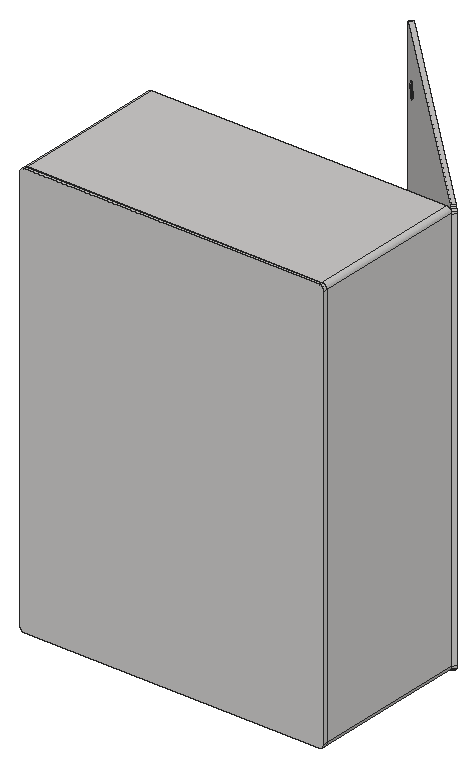
Revit family "Building-SurfaceMountingEnclosures-GEWISS-46QX-DISTRIBUTION-BOARD-INOX_BLANK_DOOR", category Attrezzatura elettrica, host Muro, Revit 2016
Family settings
  Host = Muro
  Configurazione quadro = Due colonne, circuiti in orizzontale
  Tipo di parte = Pannello comandi
  Quota connettore circolare = Usa diametro
  Numero OmniClass = 23.80.30.11.17
  Titolo OmniClass = Distribution Boards and Control Panels
  Sempre verticale = Sì
  Taglio con vuoti quando caricato = No
  Condiviso = No
  Punto di calcolo locali = Sì
Parameters (values of type "GW46056 - WT. STEEL BOARD 585X800X300 BLANK DOOR")
  Vista di pianta [instance] = yes
  Version file RFA = "18.0"
  URL = "https://www.gewiss.com/ww/en"
  Type of material = "Stainless steel"
  Type of door = "Blank door"
  Technical sheet = "https://www.gewiss.com/ww/en/search?q=GW46056"
  Struttura quadro = GEWISS - ACCIAIO
  Standard. = "EN 61439-1, EN 61439-2, EN62208, EN 60670-1, IEC 60670-24"
  Standard = "EN 61439-1, EN 61439-2, EN62208, EN 60670-1, IEC 60670-24"
  Sportello visibile [instance] = yes
  Spessore quadro = 300 mm
  Simbolo [instance] = yes
  Shock resistance = "IK10"
  SEO = "Board"
  Realized by GEWISS S.p.A. = ""
  Rated impulse withstand voltage = "690V"
  Produttore = "GEWISS S.p.A."
  Potenza quadro = 0 V
  Porta = GEWISS - Pannello cieco : 2 FORI
  Pannello = GEWISS - ACCIAIO
  Operating temperature = "-25 +60 °C"
  Offset etichetta nome quadro [instance] = 685.076 mm
  Nominal dim. LxHxD (mm) = "585x800x300"
  No. of modules EN 50022: = "140 (28x5)"
  No. of modules EN 50022 = "140 (28x5)"
  No. locks = "2"
  Modello = "GW46056"
  Maximum rated insulation voltage (Ue) = "690V"
  Material = "Stainless steel from 10/10 to 15/10 (e.g. AISI 304)"
  Maniglia visibile [instance] = yes
  Maniglia = GEWISS - NERO
  Larghezza quadro = 585 mm
  Insulation class = "Pre-arranged with earth terminal"
  Immagine tipo = GW46052.jpg
  IP degree = "IP55"
  IFC.TypeObject = ""
  IFC.ExportType = ""
  IFC.ExportAs = ""
  IDT = "69fe8f77-02c8-4c36-8c1a-3acf6a8de6b9"
  IDF = "4490481b-c937-4372-88cf-3cd2690ec59d"
  H_quadro = 800 mm
  H_da terra = 500 mm
  Glow Wire Test = "650°C"
  GW - NOME QUADRO [instance] = "NOME QUADRO"
  GEWISS SCHEDA TECNICA = "http://pro.gewiss.com/irj/portal/?NavigationTarget=pcd:portal_content/com.gewiss.ZPPFDMain/com.gewiss.ZPPFDITMain/com.gewiss.ZPPFDITMainDefault/com.gewiss.ZPPFDITPages/com.gewiss.ZPPFDITPagesAP/com.gewiss.ZPPFDITPagesAPCatalogo/com.gewiss.ZPPPDITAPProductDetail&codProd=GW46056"
  Functional dim. LxHxD (mm) = "585x800x300"
  Fast & Easy = "Yes"
  Family = "46 QX"
  Etichetta nome quadro [instance] = yes
  Electrocod = "0320"
  EAN code = "8011564096967"
  Distanza_fori = 100 mm
  Distanza orizzontale del simbolo [instance] = 887.355 mm
  Distanza dal muro [instance] = 4.208 mm
  Dispersible power B (W) = "159"
  Dispersible power A (W) = "240"
  Descrizione = "WT. STEEL BOARD 585X800X300 BLANK DOOR"
  Cornice simbolo [instance] = yes
  Classificazione carico = Other
  Characteristics = "UV resistance (EN 62208)"
  Catalogue Range = "46 QX"
  Catalogue = "BUILDING"
  Carico Apparente = 0 VA
  COBie.Tagnumber = ""
  COBie.CreatedOn = ""
  COBie.CreatebBy = ""
  COBie.ComponentRegisterItemID = ""
  COBie.Component.TagNumber = ""
  COBie.Component.Space = ""
  COBie.Component.SerialNumber = ""
  COBie.Component.InstallationDate = ""
  COBie.Component.Description = ""
  COBie.Component.BarCode = ""
  Bidimensionale = 2D - CEP QUADRI STAGNI GWPLAST IP55 : 2 fori
  Application = "For indoor use, in areas that are frequently cleaned with water jets"
  Apertura quadro [instance] = 45.00°
  Angolo di apertura reale [instance] = if(Apertura quadro < 0.00°, 0.00°, if(Apertura quadro > 180.00°, 180.00°, Apertura quadro))  # 45.00°
Types (3, lengths in mm): name | Technical sheet | Spessore quadro | Nominal dim. LxHxD (mm) | No. of modules EN 50022: | No. of modules EN 50022 | Modello | Larghezza quadro | IDT | H_quadro | GEWISS SCHEDA TECNICA | Functional dim. LxHxD (mm) | EAN code | Dispersible power B (W) | Dispersible power A (W) | Descrizione
  GW46052 - WT. STEEL BOARD 310X425X160 BLANK DOOR | "https://www.gewiss.com/ww/en/search?q=GW46052" | 160 | "310x425x160" | "36 (12x3)" | "36 (12x3)" | "GW46052" | 313 | "7f936186-d6ea-43f4-b79a-bd5195405f15" | 424 | "http://pro.gewiss.com/irj/portal/?NavigationTarget=pcd:portal_content/com.gewiss.ZPPFDMain/com.gewiss.ZPPFDITMain/com.gewiss.ZPPFDITMainDefault/com.gewiss.ZPPFDITPages/com.gewiss.ZPPFDITPagesAP/com.gewiss.ZPPFDITPagesAPCatalogo/com.gewiss.ZPPPDITAPProductDetail&codProd=GW46052" | "310x425x160" | "8011564096943" | "58" | "70" | "WT. STEEL BOARD 310X425X160 BLANK DOOR"
  GW46054 - WT. STEEL BOARD 465X650X200 BLANK DOOR | "https://www.gewiss.com/ww/en/search?q=GW46054" | 200 | "405x650x200" | "72 (18x4)" | "72 (18x4)" | "GW46054" | 405 | "97958a02-1e10-4aba-bb04-cd70829b16fd" | 650 | "http://pro.gewiss.com/irj/portal/?NavigationTarget=pcd:portal_content/com.gewiss.ZPPFDMain/com.gewiss.ZPPFDITMain/com.gewiss.ZPPFDITMainDefault/com.gewiss.ZPPFDITPages/com.gewiss.ZPPFDITPagesAP/com.gewiss.ZPPFDITPagesAPCatalogo/com.gewiss.ZPPPDITAPProductDetail&codProd=GW46054" | "405x650x200" | "8011564096950" | "97" | "135" | "WT. STEEL BOARD 465X650X200 BLANK DOOR"
  GW46056 - WT. STEEL BOARD 585X800X300 BLANK DOOR | "https://www.gewiss.com/ww/en/search?q=GW46056" | 300 | "585x800x300" | "140 (28x5)" | "140 (28x5)" | "GW46056" | 585 | "69fe8f77-02c8-4c36-8c1a-3acf6a8de6b9" | 800 | "http://pro.gewiss.com/irj/portal/?NavigationTarget=pcd:portal_content/com.gewiss.ZPPFDMain/com.gewiss.ZPPFDITMain/com.gewiss.ZPPFDITMainDefault/com.gewiss.ZPPFDITPages/com.gewiss.ZPPFDITPagesAP/com.gewiss.ZPPFDITPagesAPCatalogo/com.gewiss.ZPPPDITAPProductDetail&codProd=GW46056" | "585x800x300" | "8011564096967" | "159" | "240" | "WT. STEEL BOARD 585X800X300 BLANK DOOR"
Reference planes
  plane 1 "Muro": y = 0
  plane 2 "Centro (Sinistra/Destra)": x = 125
  plane 3 "Indietro": y = 75
  plane 4 "SX": x = -167.5
  plane 5 "DX": x = 417.5
  plane 6: y = 381
  plane 7 "Base quadro": z = 500
  plane 8: z = 1300
  plane 9: y = 81
  plane 10: z = 900
  plane 11: x = -1054.855
  plane 12: y = 760.076
Forms (mm)
  Extrusion 1, solid, material "GEWISS - ACCIAIO" <- "Struttura quadro"
    sketch origin (0, 0, 0) x (1, 0, 0) y (0, 0, 1)
      loop
        line (408.113, 1300) -> (-158.113, 1300)
        arc (-158.113, 1300) -> (-164.751, 1297.251) -> (-167.5, 1290.613) r 9.387
        line (-167.5, 1290.613) -> (-167.5, 509.387)
        arc (-167.5, 509.387) -> (-164.751, 502.749) -> (-158.113, 500) r 9.387
        line (-158.113, 500) -> (408.113, 500)
        arc (408.113, 500) -> (414.751, 502.749) -> (417.5, 509.387) r 9.387
        line (417.5, 509.387) -> (417.5, 1290.613)
        arc (417.5, 1290.613) -> (414.751, 1297.251) -> (408.113, 1300) r 9.387
      loop
        line (392.113, 1280) -> (-142.113, 1280)
        arc (-142.113, 1280) -> (-145.922, 1278.422) -> (-147.5, 1274.613) r 5.387
        line (-147.5, 1274.613) -> (-147.5, 525.387)
        arc (-147.5, 525.387) -> (-145.922, 521.578) -> (-142.113, 520) r 5.387
        line (-142.113, 520) -> (392.113, 520)
        arc (392.113, 520) -> (395.922, 521.578) -> (397.5, 525.387) r 5.387
        line (397.5, 525.387) -> (397.5, 1274.613)
        arc (397.5, 1274.613) -> (395.922, 1278.422) -> (392.113, 1280) r 5.387
    from -381 to -81
  Extrusion 2, solid, material "GEWISS - ACCIAIO" <- "Pannello"
    sketch origin (0, 0, 0) x (1, 0, 0) y (0, 0, 1)
      loop
        arc (-158.113, 1300) -> (-164.751, 1297.251) -> (-167.5, 1290.613) r 9.387
        line (-167.5, 1290.613) -> (-167.5, 509.387)
        arc (-167.5, 509.387) -> (-164.751, 502.749) -> (-158.113, 500) r 9.387
        line (-158.113, 500) -> (408.113, 500)
        arc (408.113, 500) -> (414.751, 502.749) -> (417.5, 509.387) r 9.387
        line (417.5, 509.387) -> (417.5, 1290.613)
        arc (417.5, 1290.613) -> (414.751, 1297.251) -> (408.113, 1300) r 9.387
        line (408.113, 1300) -> (-158.113, 1300)
    from -81 to -75
Lines and regions (mm)
  Masking region 1, visible <- "Vista di pianta"
    outline origin (-33, 241, 0) x (0.984808, 0.173648, 0) y (-0.173648, 0.984808, 0)
      loop
        line (414.83, -241.707) -> (467.967, 59.645) -> (-108.146, 161.229) -> (-161.282, -140.122) -> (414.83, -241.707)
  Masking region 2
    outline origin (125, 0, 0) x (0, 1, 0) y (0, 0, 1)
      loop
        line (75, 500) -> (381, 500) -> (381, 1300) -> (75, 1300) -> (75, 500)
  Masking region 3, visible <- "Vista di pianta"
    outline origin (-33, 241, 0) x (0.984808, 0.173648, 0) y (-0.173648, 0.984808, 0)
      loop
        line (132.424, 538.849) -> (467.967, 59.645) -> (474.52, 64.233) -> (138.978, 543.437) -> (132.424, 538.849)
  reference lines
    curve 1: line (417.5, 381, 0) -> (134.657, 663.843, 0)
Text (mm)
  text "Lato posizionamento" at (-2540.362, 1733.729, 0), in view "Livello rif."
  text "Lato posizionamento" at (0, 1409.804, 2854.306), in view "Sinistra"
  text "Lato posizionamento" at (0, 499.811, 2980.732), in view "Destra"
Dimensions and locks
  locked: plane 3 "Indietro" to host wall
  "H_da terra": level to plane 7 "Base quadro"
  "H_quadro": plane 7 "Base quadro" to plane 8
  locked: plane 9 to host wall at 6
  "Spessore quadro": plane 6 to plane 9
  equal spacing: plane 7 "Base quadro", plane 10, plane 8
  "Larghezza quadro": plane 4 "SX" to plane 5 "DX"
  "Distanza orizzontale del simbolo": plane 11 to plane 4 "SX"
  "Offset etichetta nome quadro": plane 12 to plane 3 "Indietro"
  equal spacing: plane 4 "SX", plane 2 "Centro (Sinistra/Destra)", plane 5 "DX"
  locked: Extrusion 1 sketch curve to Extrusion 1 sketch curve at 20  (x4)
  "Apertura quadro": angle curve 1 to plane 6
  aligned and locked: plane 1 "Muro" to host wall
  aligned and locked: plane 8 to Extrusion 1 sketch curve
  aligned and locked: plane 5 "DX" to Extrusion 1 sketch curve
  aligned and locked: Extrusion 1 sketch curve to plane 7 "Base quadro"
  aligned and locked: Extrusion 1 sketch curve to plane 4 "SX"
  aligned and locked: plane 6 to Extrusion 1
  aligned and locked: Extrusion 1 to plane 9
  aligned and locked: plane 9 to Extrusion 2
  aligned and locked: Extrusion 2 to host wall
  aligned and locked: nested 2 to plane 12
  aligned and locked: plane 11 to nested 3
  aligned and locked: Masking region 1 sketch curve to plane 6
  aligned and locked: Masking region 1 sketch curve to plane 3 "Indietro"
  aligned and locked: Masking region 1 sketch curve to plane 5 "DX"
  aligned and locked: plane 4 "SX" to Masking region 1 sketch curve
  aligned and locked: Masking region 2 sketch curve to Extrusion 2
  aligned and locked: Masking region 2 sketch curve to Extrusion 1  (x2)
  aligned and locked: plane 10 to nested 4
  aligned and locked: plane 5 "DX" to nested 4
  aligned and locked: plane 7 "Base quadro" to nested 1
  aligned and locked: plane 6 to Masking region 1  (x2)
  aligned and locked: Extrusion 2 sketch curve to Extrusion 1  (x4)
  aligned and locked: plane 2 "Centro (Sinistra/Destra)" to nested 2
  aligned and locked: plane 5 "DX" to curve 1
  aligned and locked: nested 1 to curve 1
  aligned and locked: Masking region 3 sketch curve to nested 1  (x4)
Automatic sketch dimensions
  Extrusion 1 sketch curve to Extrusion 1 sketch curve = 5.387 mm  (x3)
  Extrusion 1 sketch curve to Extrusion 1 sketch curve = 10.613 mm
  Extrusion 1 sketch curve to Extrusion 1 sketch curve = 16 mm  (x4)
  Extrusion 2 sketch curve to Extrusion 2 sketch curve = 9.387 mm  (x2)
  Extrusion 2 sketch curve to plane 5 "DX" = 9.387 mm  (x2)
  Masking region 2 sketch curve to plane 7 "Base quadro" = 0 mm
  curve 1 to plane 6 = 0 mm
Nested families
  nested 1: "GEWISS - Pannello cieco" at (210.671, 587.829, 104) x (0.7071, -0.7071, 0) z (0, 0, 1), visible <- "Sportello visibile", H_pannello <- "H_quadro", Larghezza pannello <- "Larghezza quadro", type <- "Porta", type "2 FORI"
    with Larghezza pannello 585 mm, H_pannello 800 mm
  nested 2: "NOME QUADRO" at (125, 760.076, 0), TXT <- "GW - NOME QUADRO", visible <- "Etichetta nome quadro", type "NOME QUADRO"
    with TXT "NOME QUADRO"
  nested 3: "QUADRILAN" at (-1054.855, 75, 0), Distanza dal muro <- "Distanza dal muro", BORDO ACCESO <- "Cornice simbolo", SIMBOLO ACCESO <- "Simbolo", type "QUADRILAN"
    with SIMBOLO ACCESO yes, Distanza dal muro 4.208 mm, BORDO ACCESO yes
  nested 4: "2D - CEP QUADRI STAGNI GWPLAST IP55" at (125, 0, 900) x (-1, 0, 0) z (0, -1, 0), Altezza <- "H_quadro", Larghezza <- "Larghezza quadro", type <- "Bidimensionale", type "2 fori"
    with Larghezza 585 mm, Altezza 800 mm
Connectors
  electrical at (125, 231, 1300), driven by "Carico Apparente", driven by "Classificazione carico", driven by "Potenza quadro"
    settings: on Extrusion 1, index 1, voltage 0 V, apparent load 0 VA, apparent load phase1 0 VA, apparent load phase2 0 VA, apparent load phase3 0 VA, power factor 1, load classification "Other", number of poles 1, system type 31, power factor state 1, is connector primary yes, connector utility no, sub classification motor no, connector description ""
Definition of nested family "GEWISS - Pannello cieco"
  Parameters (values of type "2 FORI")
    Default Elevation = 1219.2 mm
    Pannello = none
    Maniglia = none
    Larghezza pannello [instance] = 316 mm
    H_pannello [instance] = 396 mm
    H_da terra = 396 mm
    2 FORI = yes
    1 FORO = no
  Types (3, lengths in mm): name | 2 FORI | 1 FORO
    (no name) | yes | no
    1 FORO | no | yes
    2 FORI | yes | no
  Reference planes
    plane 1 "Centro (Fronte/Retro)": y = 0
    plane 2: z = 0
    plane 3 "Centro (Sinistra/Destra)": x = 0
    plane 4: x = -158
    plane 5: x = 158
    plane 6: y = 8
    plane 7: z = 792
    plane 8: z = 396
    plane 9: z = 594
    plane 10: x = -115.8
    plane 11: z = 691.5
    plane 12: z = 508.2
  Forms (mm)
    Extrusion 1, solid, material <- "Pannello", visible <- "1 FORO"
      sketch origin (0, 0, 0) x (1, 0, 0) y (0, 0, 1)
        loop
          line (-148.613, 792) -> (-152.972, 790.92) -> (-155.581, 788.905) -> (-157.569, 785.491) -> (-158, 781.674) -> (-158, 406.326) -> (-157.277, 401.774) -> (-155.331, 398.831) -> (-152.312, 396.76) -> (-148.613, 396) -> (148.613, 396) -> (152.205, 396.714) -> (155.251, 398.749) -> (157.335, 401.918) -> (158, 406.326) -> (158, 781.674) -> (157.678, 785.136) -> (155.581, 788.905) -> (152.77, 791.023) -> (148.613, 792) -> (-148.613, 792)
        loop
          circle (-115.8, 594) r 14.644
      from -8 to 0
    Extrusion 2, solid, material <- "Maniglia", visible <- "1 FORO"
      sketch origin (0, 0, 0) x (1, 0, 0) y (0, 0, 1)
        loop
          circle (-115.8, 594) r 14.644
      from -8 to 0
    Extrusion 3, solid, material <- "Pannello", visible <- "2 FORI"
      sketch origin (0, 0, 0) x (1, 0, 0) y (0, 0, 1)
        loop
          line (-148.613, 792) -> (-152.972, 790.92) -> (-155.581, 788.905) -> (-157.569, 785.491) -> (-158, 781.674) -> (-158, 406.326) -> (-157.277, 401.774) -> (-155.331, 398.831) -> (-152.312, 396.76) -> (-148.613, 396) -> (148.613, 396) -> (152.205, 396.714) -> (155.251, 398.749) -> (157.335, 401.918) -> (158, 406.326) -> (158, 781.674) -> (157.678, 785.136) -> (155.581, 788.905) -> (152.77, 791.023) -> (148.613, 792) -> (-148.613, 792)
        loop
          circle (-115.8, 691.5) r 14.644
        loop
          circle (-115.8, 508.2) r 14.644
      from -8 to 0
    Extrusion 4, solid, material <- "Maniglia", visible <- "2 FORI"
      sketch origin (0, 0, 0) x (1, 0, 0) y (0, 0, 1)
        loop
          circle (-115.8, 691.5) r 14.644
        loop
          circle (-115.8, 508.2) r 14.644
      from -8 to 0
  Dimensions and locks
    locked: plane 1 "Centro (Fronte/Retro)" to plane 6 at 8
    "H_pannello": plane 7 to plane 8
    "H_da terra": plane 8 to plane 2
    "Larghezza pannello": plane 4 to plane 5
    equal spacing: plane 5, plane 3 "Centro (Sinistra/Destra)", plane 4
    equal spacing: plane 7, plane 9, plane 8
    locked: plane 7 to plane 11 at 100.5
    locked: plane 12 to plane 8 at 112.2
    locked: plane 10 to plane 4 at 42.2
    aligned and locked: level to plane 2
    aligned and locked: plane 6 to Extrusion 1
    aligned and locked: plane 1 "Centro (Fronte/Retro)" to Extrusion 1
    aligned and locked: plane 6 to Extrusion 2
    aligned and locked: plane 1 "Centro (Fronte/Retro)" to Extrusion 2
    aligned and locked: plane 9 to Extrusion 1 sketch curve
    aligned and locked: Extrusion 2 sketch curve to Extrusion 1
  Automatic sketch dimensions
    plane 4 to Extrusion 1 sketch curve = 0.431 mm
    plane 4 to Extrusion 1 sketch curve = 0.723 mm
    plane 4 to Extrusion 1 sketch curve = 2.419 mm
    plane 4 to Extrusion 1 sketch curve = 2.669 mm
    Extrusion 1 sketch curve to plane 7 = 1.08 mm
    Extrusion 1 sketch curve to Extrusion 1 sketch curve = 2.609 mm
    plane 8 to Extrusion 1 sketch curve = 0.76 mm
    Extrusion 1 sketch curve to Extrusion 1 sketch curve = 3.019 mm
    Extrusion 1 sketch curve to Extrusion 1 sketch curve = 4.359 mm
    Extrusion 1 sketch curve to Extrusion 1 sketch curve = 3.699 mm
    Extrusion 1 sketch curve to plane 5 = 9.387 mm  (x2)
    plane 8 to Extrusion 1 sketch curve = 0.714 mm
    Extrusion 1 sketch curve to Extrusion 1 sketch curve = 3.592 mm
    Extrusion 1 sketch curve to plane 7 = 0.977 mm
    Extrusion 1 sketch curve to Extrusion 1 sketch curve = 4.157 mm
    Extrusion 1 sketch curve to plane 5 = 2.749 mm
    Extrusion 1 sketch curve to plane 5 = 2.419 mm
    Extrusion 1 sketch curve to plane 5 = 0.665 mm
    Extrusion 1 sketch curve to plane 5 = 0.322 mm
    plane 8 to Extrusion 1 sketch curve = 2.749 mm
    plane 8 to Extrusion 1 sketch curve = 2.831 mm
    Extrusion 1 sketch curve to Extrusion 1 sketch curve = 2.944 mm
    Extrusion 1 sketch curve to Extrusion 1 sketch curve = 3.168 mm
    Extrusion 1 sketch curve to Extrusion 1 sketch curve = 4.408 mm
    Extrusion 1 sketch curve to Extrusion 1 sketch curve = 4.552 mm
    Extrusion 1 sketch curve to plane 7 = 10.326 mm  (x2)
    Extrusion 1 sketch curve to Extrusion 1 sketch curve = 3.462 mm
    Extrusion 1 sketch curve to Extrusion 1 sketch curve = 3.817 mm
    Extrusion 1 sketch curve to plane 7 = 3.095 mm  (x2)
    Extrusion 1 sketch curve to plane 4 = 0 mm
    Extrusion 1 sketch curve to plane 5 = 0 mm
    Extrusion 1 sketch curve to plane 8 = 0 mm
    Extrusion 1 sketch curve to plane 7 = 0 mm
    Extrusion 1 sketch curve to plane 10 = 0 mm
    Extrusion 1 sketch curve to Extrusion 1 sketch curve = 14.644 mm
    Extrusion 3 sketch curve to Extrusion 3 sketch curve = 0 mm  (x4)
    Extrusion 3 sketch curve to plane 4 = 0 mm
    Extrusion 3 sketch curve to plane 7 = 0 mm
    Extrusion 3 sketch curve to plane 8 = 0 mm
    Extrusion 3 sketch curve to plane 11 = 0 mm
    Extrusion 3 sketch curve to plane 12 = 0 mm
    Extrusion 3 sketch curve to plane 10 = 0 mm  (x2)
    Extrusion 3 sketch curve to plane 5 = 0 mm
    plane 4 to Extrusion 3 sketch curve = 0.431 mm
    plane 4 to Extrusion 3 sketch curve = 0.723 mm
    plane 4 to Extrusion 3 sketch curve = 2.419 mm
    plane 4 to Extrusion 3 sketch curve = 2.669 mm
    Extrusion 3 sketch curve to plane 7 = 1.08 mm
    Extrusion 3 sketch curve to Extrusion 3 sketch curve = 2.609 mm
    plane 8 to Extrusion 3 sketch curve = 0.76 mm
    Extrusion 3 sketch curve to Extrusion 3 sketch curve = 3.019 mm
    Extrusion 3 sketch curve to Extrusion 3 sketch curve = 4.359 mm
    Extrusion 3 sketch curve to Extrusion 3 sketch curve = 3.699 mm
    Extrusion 3 sketch curve to plane 5 = 9.387 mm  (x2)
    plane 8 to Extrusion 3 sketch curve = 0.714 mm
    Extrusion 3 sketch curve to Extrusion 3 sketch curve = 3.592 mm
    Extrusion 3 sketch curve to plane 7 = 0.977 mm
    Extrusion 3 sketch curve to Extrusion 3 sketch curve = 4.157 mm
    Extrusion 3 sketch curve to plane 5 = 2.749 mm
    Extrusion 3 sketch curve to plane 5 = 2.419 mm
    Extrusion 3 sketch curve to plane 5 = 0.665 mm
    Extrusion 3 sketch curve to plane 5 = 0.322 mm
    plane 8 to Extrusion 3 sketch curve = 2.749 mm
    plane 8 to Extrusion 3 sketch curve = 2.831 mm
    Extrusion 3 sketch curve to Extrusion 3 sketch curve = 2.944 mm
    Extrusion 3 sketch curve to Extrusion 3 sketch curve = 3.168 mm
    Extrusion 3 sketch curve to Extrusion 3 sketch curve = 4.552 mm
    Extrusion 3 sketch curve to Extrusion 3 sketch curve = 4.408 mm
    Extrusion 3 sketch curve to plane 7 = 10.326 mm  (x2)
    Extrusion 3 sketch curve to Extrusion 3 sketch curve = 3.462 mm
    Extrusion 3 sketch curve to Extrusion 3 sketch curve = 3.817 mm
    Extrusion 3 sketch curve to plane 7 = 3.095 mm  (x2)
    Extrusion 3 sketch curve to Extrusion 3 sketch curve = 14.644 mm  (x2)
    Extrusion 4 sketch curve to plane 10 = 0 mm  (x2)
    Extrusion 4 sketch curve to plane 12 = 0 mm
    Extrusion 4 sketch curve to plane 11 = 0 mm
    radius of Extrusion 4 sketch curve = 14.644 mm  (x2)
Definition of nested family "NOME QUADRO"
  Parameters (values of type "NOME QUADRO")
    TXT [instance] = ""
  Reference planes
    plane 1: y = 0
    plane 2: x = 0
  Text (mm)
    label "NOME QUADRO" at (0.217, 0.029, 0), shows "TXT"
Definition of nested family "QUADRILAN"
  Parameters (values of type "QUADRILAN")
    SIMBOLO ACCESO [instance] = yes
    Distanza dal muro [instance] = 4.208 mm
    BORDO ACCESO [instance] = yes
  Reference planes
    plane 1: y = 0
    plane 2: x = 0
  Dimensions and locks
    "Distanza dal muro": plane 1 to nested 1
    aligned and locked: plane 2 to nested 1
  Nested families
    nested 1: "QUADRILAN_BASE" at (0, 4.208, 0), BORDO ACCESO <- "BORDO ACCESO", visible <- "SIMBOLO ACCESO", type "QUADRILAN"
      with BORDO ACCESO yes
  Definition of nested family "QUADRILAN_BASE"
    Parameters (values of type "QUADRILAN")
      Distanza dal muro = 4.208 mm
      BORDO ACCESO [instance] = yes
    Reference planes
      plane 1: y = 0
      plane 2: x = 0
    Lines and regions (mm)
      detail lines, visible <- "BORDO ACCESO"
        curve 1: line (-2, 2.5, 0) -> (2, 2.5, 0)
        curve 2: line (2, 2.5, 0) -> (2, 0, 0)
        curve 3: line (2, 0, 0) -> (-2, 0, 0)
        curve 4: line (-2, 0, 0) -> (-2, 2.5, 0)
        curve 5: line (-1.9, 2.4, 0) -> (1.9, 2.4, 0)
        curve 6: line (1.9, 2.4, 0) -> (1.9, 0.1, 0)
        curve 7: line (1.9, 0.1, 0) -> (-1.9, 0.1, 0)
        curve 8: line (-1.9, 0.1, 0) -> (-1.9, 2.4, 0)
      detail lines, visible <- "BORDO ACCESO", not visible
        curve 9: line (-2.443, 10.208, 0) -> (2.057, 10.208, 0)
        curve 10: line (2.057, 10.208, 0) -> (2.057, 4.208, 0)
        curve 11: line (2.057, 4.208, 0) -> (-2.443, 4.208, 0)
        curve 12: line (-2.443, 4.208, 0) -> (-2.443, 10.208, 0)
        curve 13: line (-2.043, 9.808, 0) -> (1.657, 9.808, 0)
        curve 14: line (1.657, 9.808, 0) -> (1.657, 4.608, 0)
        curve 15: line (1.657, 4.608, 0) -> (-2.043, 4.608, 0)
        curve 16: line (-2.043, 4.608, 0) -> (-2.043, 9.808, 0)
      detail lines
        curve 17: line (1.731, 0.358, 0) -> (-1.731, 2.088, 0)
        curve 18: line (-1.731, 2.088, 0) -> (-0.201, 2.088, 0)
        curve 19: line (-0.201, 2.088, 0) -> (1.731, 2.088, 0)
        curve 20: line (1.731, 2.088, 0) -> (1.731, 0.358, 0)
        curve 21: line (1.731, 0.358, 0) -> (-1.731, 0.358, 0)
        curve 22: line (-1.731, 0.358, 0) -> (-1.731, 2.088, 0)
    Dimensions and locks
      aligned and locked: curve 3 to plane 1
Definition of nested family "2D - CEP QUADRI STAGNI GWPLAST IP55"
  Parameters (values of type "1 foro")
    Larghezza [instance] = 396 mm
    Altezza [instance] = 474 mm
    2 fori = no
    1 foro = yes
  Types (2, lengths in mm): name | 2 fori | 1 foro
    1 foro | no | yes
    2 fori | yes | no
  Reference planes
    plane 1 "Centro (Fronte/Retro)": y = 0
    plane 2: z = 0
    plane 3 "Centro (Sinistra/Destra)": x = 0
    plane 4: x = -198
    plane 5: x = 198
    plane 6: y = 237
    plane 7: y = -237
  Lines and regions (mm)
    model lines, in view "Livello rif.", visible <- "2 fori", detail levels medium+fine
      curve 1: circle (155.757, -136.483, 0) r 14.644 normal (0, 0, 1)
      curve 2: circle (155.757, -136.483, 0) r 11.828 normal (0, 0, 1)
      curve 3: circle (155.757, -136.483, 0) r 7.04 normal (0, 0, 1)
      curve 4: circle (155.757, 124.834, 0) r 11.828 normal (0, 0, 1)
      curve 5: circle (155.757, 124.834, 0) r 14.644 normal (0, 0, 1)
      curve 6: circle (155.757, 124.834, 0) r 7.04 normal (0, 0, 1)
    model lines, in view "Livello rif."
      curve 7: line (-188.613, -237, 0) -> (-192.172, -236.299, 0)
      curve 8: line (-192.172, -236.299, 0) -> (-195.251, -234.251, 0)
      curve 9: line (-195.251, -234.251, 0) -> (-197.445, -230.793, 0)
      curve 10: line (-197.445, -230.793, 0) -> (-198, -227.613, 0)
      curve 11: line (-198, -227.613, 0) -> (-198, 226.674, 0)
      curve 13: line (198, 226.674, 0) -> (198, -227.613, 0)
      curve 14: line (198, -227.613, 0) -> (197.281, -231.215, 0)
      curve 15: line (197.281, -231.215, 0) -> (195.251, -234.251, 0)
      curve 16: line (195.251, -234.251, 0) -> (192.25, -236.267, 0)
      curve 17: line (192.25, -236.267, 0) -> (188.613, -237, 0)
      curve 18: line (188.613, -237, 0) -> (-188.613, -237, 0)
      curve 20: line (-198, 226.674, 0) -> (-198, 227.613, 0)
      curve 21: line (-198, 227.613, 0) -> (-197.339, 231.072, 0)
      curve 22: line (-197.339, 231.072, 0) -> (-195.362, 234.137, 0)
      curve 23: line (-195.362, 234.137, 0) -> (-192.869, 235.98, 0)
      curve 24: line (-192.869, 235.98, 0) -> (-188.613, 237, 0)
      curve 25: line (-188.613, 237, 0) -> (188.613, 237, 0)
      curve 26: line (188.613, 237, 0) -> (192.796, 236.016, 0)
      curve 27: line (192.796, 236.016, 0) -> (195.251, 234.251, 0)
      curve 28: line (195.251, 234.251, 0) -> (197.047, 231.734, 0)
      curve 29: line (197.047, 231.734, 0) -> (198, 227.613, 0)
      curve 30: line (198, 227.613, 0) -> (198, 226.674, 0)
    model lines, in view "Livello rif.", detail levels medium+fine
      curve 12: line (-198, 226.674, 0) -> (198, 226.674, 0)
      curve 19: line (198, -226.674, 0) -> (-198, -226.674, 0)
    detail lines, in view "Livello rif.", visible <- "1 foro", detail levels medium+fine
      curve 31: circle (155.757, 0, 0) r 11.828 normal (0, 0, 1)
      curve 32: circle (155.757, 0, 0) r 14.644 normal (0, 0, 1)
      curve 33: circle (155.757, 0, 0) r 7.04 normal (0, 0, 1)
  Dimensions and locks
    equal spacing: plane 6, plane 1 "Centro (Fronte/Retro)", plane 7
    "Altezza": plane 6 to plane 7
    equal spacing: plane 4, plane 3 "Centro (Sinistra/Destra)", plane 5
    "Larghezza": plane 4 to plane 5
    locked: curve 6 to plane 5 at 42.243
    locked: plane 6 to curve 5 at 112.166
    locked: curve 1 to plane 7 at 100.517
    curve 2 to plane 5 = 42.243 mm
    locked: curve 31 to plane 5 at 42.243
    aligned and locked: curve 25 to plane 6
    aligned and locked: plane 7 to curve 18
    aligned and locked: curve 13 to plane 5
    aligned and locked: plane 4 to curve 11
  Automatic sketch dimensions
    curve 1 to curve 2 = 0 mm  (x2)
    curve 1 to curve 3 = 0 mm  (x2)
    curve 4 to curve 5 = 0 mm  (x2)
    curve 4 to curve 6 = 0 mm  (x2)
    curve 31 to curve 32 = 0 mm  (x3)
    curve 32 to curve 33 = 0 mm  (x3)
    plane 4 to curve 10 = 0.555 mm
    plane 4 to curve 22 = 0.661 mm
    plane 4 to curve 22 = 2.638 mm
    plane 4 to curve 9 = 2.749 mm
    curve 23 to plane 6 = 1.02 mm
    curve 22 to curve 23 = 2.493 mm
    plane 7 to curve 8 = 0.701 mm
    curve 8 to curve 8 = 3.078 mm
    curve 7 to curve 18 = 3.56 mm
    curve 23 to curve 24 = 4.256 mm
    curve 26 to plane 5 = 9.387 mm
    curve 17 to plane 5 = 9.387 mm
    plane 7 to curve 16 = 0.733 mm
    curve 17 to curve 16 = 3.637 mm
    curve 26 to plane 6 = 0.984 mm
    curve 25 to curve 26 = 4.183 mm
    curve 28 to plane 5 = 2.749 mm
    curve 15 to plane 5 = 2.749 mm
    curve 28 to plane 5 = 0.953 mm
    curve 14 to plane 5 = 0.719 mm
    plane 7 to curve 15 = 2.749 mm
    plane 7 to curve 8 = 2.749 mm
    curve 15 to curve 15 = 3.036 mm
    curve 8 to curve 9 = 3.458 mm
    curve 9 to curve 11 = 3.18 mm
    curve 14 to curve 13 = 3.602 mm
    curve 20 to plane 6 = 10.326 mm
    curve 12 to curve 29 = 0.939 mm
    curve 11 to curve 21 = 0.939 mm
    curve 20 to curve 22 = 3.46 mm
    curve 29 to curve 28 = 4.121 mm
    curve 22 to plane 6 = 2.863 mm
    curve 27 to plane 6 = 2.749 mm
    curve 13 to curve 19 = 0.939 mm
    curve 31 to curve 33 = 0 mm
    plane 1 "Centro (Fronte/Retro)" to curve 33 = 0 mm
    radius of curve 1 = 14.644 mm
    radius of curve 2 = 11.828 mm
    radius of curve 3 = 7.04 mm
    radius of curve 4 = 11.828 mm
    radius of curve 5 = 14.644 mm
    radius of curve 6 = 7.04 mm
    radius of curve 31 = 11.828 mm
    radius of curve 32 = 14.644 mm
    radius of curve 33 = 7.04 mm
